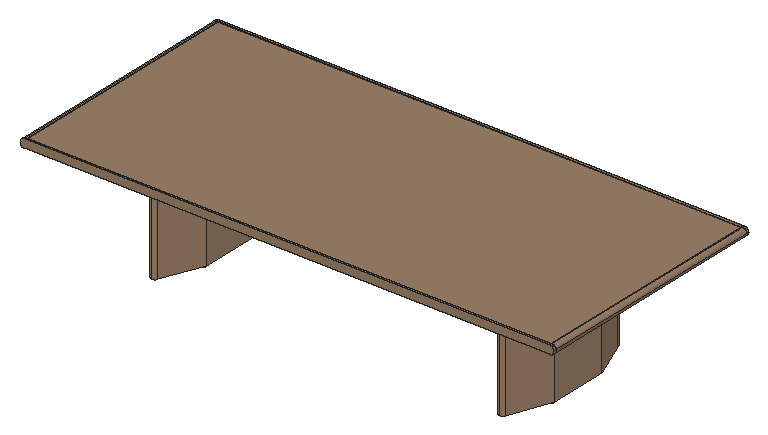
Revit family "Table-Teknion-CFTBFH_Figure_Table_Rectangular_Hexa_Panel_Base_Bullnose_Flat_Edge-R2023", category Furniture, Revit 2023 (continued)
Definition of nested family "Softened Panel"
  Dimensions and locks (in)
    plane 4 "Left" to Sweep 5 sketch curve to Sweep 5 sketch curve to Sweep 5 sketch curve to Sweep 5 sketch curve to Sweep 5 sketch curve to Sweep 5 sketch curve = 0.99245" locked, 0.18042" locked, 0.000" locked, 0.36084" locked, 0.000" locked, 0.18042" locked  (x2)
    Sweep 5 sketch curve to Sweep 5 sketch curve to Sweep 5 sketch curve to Sweep 5 sketch curve to Sweep 5 sketch curve to Sweep 5 sketch curve to plane 5 "Right" = 0.18042" locked, 0.000" locked, 0.36084" locked, 0.000" locked, 0.18042" locked, 0.99245" locked  (x2)
    Sweep 5 sketch curve to plane 9 "1" to Sweep 5 sketch curve = 0.3125" locked, 0.3125" locked  (x2)
    Sweep 5 sketch curve to plane 10 "2" to Sweep 5 sketch curve = 0.3125" locked, 0.3125" locked  (x2)
    locked: plane 4 "Left" to Revolve 1 sketch curve at 1.35355
    locked: plane 4 "Left" to Revolve 3 sketch curve at 1.35355
    locked: plane 6 "Back" to Sweep 6 sketch curve at 1  (x2)
    locked: plane 7 "Front" to Sweep 6 sketch curve at 1  (x2)
    locked: plane 4 "Left" to Sweep 6 sketch curve at 1  (x2)
    locked: Sweep 6 sketch curve to plane 5 "Right" at 1  (x2)
    "Cut 1": Sweep 7 sketch curve to Sweep 7 sketch curve
    Sweep 7 sketch curve to Sweep 7 sketch curve to plane 1 "Center Front/Back" to Sweep 7 sketch curve to Sweep 7 sketch curve = 0.500" locked, 4.500" locked, 4.500" locked, 0.500" locked
    Sweep 7 sketch curve to plane 8 "Top" to Sweep 7 sketch curve = 0.750" locked, 2.750" locked
    locked: Sweep 8 sketch curve to plane 11 at 0.75
    locked: plane 8 "Top" to Sweep 8 sketch curve at 0.75
    locked: Sweep 8 sketch curve to plane 7 "Front" at 0.75
    locked: Sweep 8 sketch curve to plane 6 "Back" at 0.75
    locked: plane 4 "Left" to Sweep 8 sketch curve at 0.75
    locked: Sweep 8 sketch curve to plane 5 "Right" at 0.75
    locked: Sweep 9 sketch curve to plane 2 at 2
    Sweep 9 sketch curve to Sweep 9 sketch curve to Sweep 9 sketch curve to Sweep 9 sketch curve to Sweep 9 sketch curve to plane 1 "Center Front/Back" to Sweep 9 sketch curve to Sweep 9 sketch curve to Sweep 9 sketch curve to Sweep 9 sketch curve to Sweep 9 sketch curve = 0.500" locked, 0.000" locked, 1.85425" locked, 0.000" locked, 2.64575" locked, 2.64575" locked, 0.000" locked, 1.85425" locked, 0.000" locked, 0.500" locked
    Sweep 9 sketch curve to Sweep 9 sketch curve to plane 3 "Center Left/Right" to Sweep 9 sketch curve to Sweep 9 sketch curve = 0.500" locked, 2.500" locked, 2.500" locked, 0.500" locked
    Sweep 10 sketch curve to Sweep 10 sketch curve to plane 3 "Center Left/Right" = 5.000" locked, 2.500" locked
    Sweep 10 sketch curve to Sweep 10 sketch curve to Sweep 10 sketch curve to Sweep 10 sketch curve to plane 11 = 1.500" locked, 16.400" locked, 0.100" locked, 4.000" locked
    Sweep 10 sketch curve to Sweep 10 sketch curve to Sweep 10 sketch curve to plane 1 "Center Front/Back" to Sweep 10 sketch curve to Sweep 10 sketch curve to Sweep 10 sketch curve = 0.100" locked, 0.400" locked, 3.500" locked, 3.500" locked, 0.400" locked, 0.100" locked
    locked: Sweep 7 sketch curve to plane 4 "Left" at 2.5
    locked: plane 3 "Center Left/Right" to Sweep 11 sketch curve at 7.5
    "Cut 2": Sweep 11 sketch curve to Sweep 11 sketch curve
    Sweep 11 sketch curve to Sweep 11 sketch curve to plane 1 "Center Front/Back" to Sweep 11 sketch curve to Sweep 11 sketch curve = 0.250" locked, 2.750" locked, 2.750" locked, 0.250" locked
    Sweep 11 sketch curve to Sweep 11 sketch curve to Sweep 11 sketch curve to Sweep 11 sketch curve to plane 8 "Top" = 0.250" locked, 1.500" locked, 0.250" locked, 0.750" locked
    locked: Sweep 12 sketch curve to plane 8 "Top" at 2
    "Cut 3": Sweep 12 sketch curve to Sweep 12 sketch curve
    Sweep 12 sketch curve to Sweep 12 sketch curve to plane 3 "Center Left/Right" to Sweep 12 sketch curve to Sweep 12 sketch curve = 0.500" locked, 2.500" locked, 2.500" locked, 0.500" locked
    Sweep 12 sketch curve to Sweep 12 sketch curve to plane 1 "Center Front/Back" to Sweep 12 sketch curve to Sweep 12 sketch curve = 0.500" locked, 4.500" locked, 4.500" locked, 0.500" locked
    aligned and locked: level to plane 2
    aligned and locked: plane 2 to Revolve 1 sketch curve
    aligned and locked: plane 2 to Revolve 2 sketch curve
    aligned and locked: plane 2 to Revolve 3 sketch curve
    aligned and locked: plane 2 to Revolve 4 sketch curve
    aligned and locked: plane 11 to Sweep 5 sketch curve
    aligned and locked: Sweep 5 sketch curve to plane 3 "Center Left/Right"
    aligned and locked: plane 9 "1" to Sweep 5 sketch curve  (x4)
    aligned and locked: plane 10 "2" to Sweep 5 sketch curve  (x4)
    aligned and locked: plane 11 to Sweep 6 sketch curve
    aligned and locked: plane 8 "Top" to Sweep 6 sketch curve
    aligned and locked: Sweep 6 sketch curve to plane 3 "Center Left/Right"
    aligned and locked: Sweep 6 sketch curve to plane 7 "Front"
    aligned and locked: plane 4 "Left" to Sweep 6 sketch curve
    aligned and locked: plane 6 "Back" to Sweep 6 sketch curve
    aligned and locked: Sweep 7 sketch curve to plane 1 "Center Front/Back"
    aligned and locked: Sweep 8 sketch curve to plane 3 "Center Left/Right"
    aligned and locked: plane 2 to Sweep 9 sketch curve
    aligned and locked: plane 3 "Center Left/Right" to Sweep 9 sketch curve  (x3)
    aligned and locked: Sweep 9 sketch curve to Sweep 9 sketch curve
    aligned and locked: Sweep 10 sketch curve to plane 1 "Center Front/Back"
    aligned and locked: curve 2 to cut or joined group of Sweep 6, Sweep 7, Sweep 8, Sweep 9, Sweep 10, Sweep 11, Sweep 12
    aligned and locked: curve 4 to cut or joined group of Sweep 6, Sweep 7, Sweep 8, Sweep 9, Sweep 10, Sweep 11, Sweep 12
    aligned and locked: curve 6 to cut or joined group of Sweep 6, Sweep 7, Sweep 8, Sweep 9, Sweep 10, Sweep 11, Sweep 12
    aligned and locked: curve 8 to cut or joined group of Sweep 6, Sweep 7, Sweep 8, Sweep 9, Sweep 10, Sweep 11, Sweep 12
    aligned and locked: curve 9 to cut or joined group of Sweep 6, Sweep 7, Sweep 8, Sweep 9, Sweep 10, Sweep 11, Sweep 12
    aligned and locked: curve 10 to cut or joined group of Sweep 6, Sweep 7, Sweep 8, Sweep 9, Sweep 10, Sweep 11, Sweep 12
    aligned and locked: curve 11 to cut or joined group of Sweep 6, Sweep 7, Sweep 8, Sweep 9, Sweep 10, Sweep 11, Sweep 12
    aligned and locked: curve 12 to cut or joined group of Sweep 6, Sweep 7, Sweep 8, Sweep 9, Sweep 10, Sweep 11, Sweep 12
    aligned and locked: curve 13 to cut or joined group of Sweep 6, Sweep 7, Sweep 8, Sweep 9, Sweep 10, Sweep 11, Sweep 12
    aligned and locked: curve 14 to cut or joined group of Sweep 6, Sweep 7, Sweep 8, Sweep 9, Sweep 10, Sweep 11, Sweep 12
    aligned and locked: curve 15 to cut or joined group of Sweep 6, Sweep 7, Sweep 8, Sweep 9, Sweep 10, Sweep 11, Sweep 12
    aligned and locked: curve 17 to cut or joined group of Sweep 6, Sweep 7, Sweep 8, Sweep 9, Sweep 10, Sweep 11, Sweep 12
    aligned and locked: curve 19 to cut or joined group of Sweep 6, Sweep 7, Sweep 8, Sweep 9, Sweep 10, Sweep 11, Sweep 12
    aligned and locked: curve 20 to cut or joined group of Sweep 6, Sweep 7, Sweep 8, Sweep 9, Sweep 10, Sweep 11, Sweep 12
    aligned and locked: curve 21 to cut or joined group of Sweep 6, Sweep 7, Sweep 8, Sweep 9, Sweep 10, Sweep 11, Sweep 12
    aligned and locked: curve 23 to cut or joined group of Sweep 6, Sweep 7, Sweep 8, Sweep 9, Sweep 10, Sweep 11, Sweep 12
    aligned and locked: curve 27 to cut or joined group of Sweep 6, Sweep 7, Sweep 8, Sweep 9, Sweep 10, Sweep 11, Sweep 12
    aligned and locked: curve 28 to cut or joined group of Sweep 6, Sweep 7, Sweep 8, Sweep 9, Sweep 10, Sweep 11, Sweep 12
    aligned and locked: curve 29 to cut or joined group of Sweep 6, Sweep 7, Sweep 8, Sweep 9, Sweep 10, Sweep 11, Sweep 12
    aligned and locked: curve 30 to cut or joined group of Sweep 6, Sweep 7, Sweep 8, Sweep 9, Sweep 10, Sweep 11, Sweep 12
    aligned and locked: curve 34 to Sweep 11
    aligned and locked: curve 31 to Sweep 11
    aligned and locked: curve 33 to Sweep 11
    aligned and locked: curve 32 to Sweep 11
    aligned and locked: curve 35 to cut or joined group of Sweep 6, Sweep 7, Sweep 8, Sweep 9, Sweep 10, Sweep 11, Sweep 12
    aligned and locked: curve 36 to cut or joined group of Sweep 6, Sweep 7, Sweep 8, Sweep 9, Sweep 10, Sweep 11, Sweep 12
    aligned and locked: curve 37 to cut or joined group of Revolve 1, Revolve 2, Revolve 3, Revolve 4, Sweep 5
    aligned and locked: curve 38 to cut or joined group of Revolve 1, Revolve 2, Revolve 3, Revolve 4, Sweep 5
    aligned and locked: curve 39 to cut or joined group of Revolve 1, Revolve 2, Revolve 3, Revolve 4, Sweep 5
    aligned and locked: curve 40 to cut or joined group of Revolve 1, Revolve 2, Revolve 3, Revolve 4, Sweep 5
    aligned and locked: curve 41 to cut or joined group of Revolve 1, Revolve 2, Revolve 3, Revolve 4, Sweep 5
    aligned and locked: curve 42 to cut or joined group of Revolve 1, Revolve 2, Revolve 3, Revolve 4, Sweep 5
    aligned and locked: curve 43 to cut or joined group of Revolve 1, Revolve 2, Revolve 3, Revolve 4, Sweep 5
    aligned and locked: curve 44 to cut or joined group of Revolve 1, Revolve 2, Revolve 3, Revolve 4, Sweep 5
    aligned and locked: curve 45 to cut or joined group of Revolve 1, Revolve 2, Revolve 3, Revolve 4, Sweep 5
    aligned and locked: curve 46 to cut or joined group of Revolve 1, Revolve 2, Revolve 3, Revolve 4, Sweep 5
    aligned and locked: curve 47 to cut or joined group of Revolve 1, Revolve 2, Revolve 3, Revolve 4, Sweep 5
    aligned and locked: curve 48 to cut or joined group of Revolve 1, Revolve 2, Revolve 3, Revolve 4, Sweep 5
    aligned and locked: curve 49 to cut or joined group of Revolve 1, Revolve 2, Revolve 3, Revolve 4, Sweep 5
    aligned and locked: curve 50 to cut or joined group of Revolve 1, Revolve 2, Revolve 3, Revolve 4, Sweep 5
    aligned and locked: curve 51 to cut or joined group of Revolve 1, Revolve 2, Revolve 3, Revolve 4, Sweep 5
    aligned and locked: curve 52 to cut or joined group of Revolve 1, Revolve 2, Revolve 3, Revolve 4, Sweep 5
    aligned and locked: curve 53 to cut or joined group of Revolve 1, Revolve 2, Revolve 3, Revolve 4, Sweep 5
    aligned and locked: curve 54 to cut or joined group of Revolve 1, Revolve 2, Revolve 3, Revolve 4, Sweep 5
    aligned and locked: curve 55 to cut or joined group of Revolve 1, Revolve 2, Revolve 3, Revolve 4, Sweep 5
    aligned and locked: curve 56 to cut or joined group of Revolve 1, Revolve 2, Revolve 3, Revolve 4, Sweep 5
    aligned and locked: curve 57 to cut or joined group of Revolve 1, Revolve 2, Revolve 3, Revolve 4, Sweep 5
    aligned and locked: curve 58 to cut or joined group of Revolve 1, Revolve 2, Revolve 3, Revolve 4, Sweep 5
    aligned and locked: curve 59 to cut or joined group of Revolve 1, Revolve 2, Revolve 3, Revolve 4, Sweep 5
    aligned and locked: curve 60 to cut or joined group of Revolve 1, Revolve 2, Revolve 3, Revolve 4, Sweep 5
    aligned and locked: curve 61 to cut or joined group of Revolve 1, Revolve 2, Revolve 3, Revolve 4, Sweep 5
    aligned and locked: curve 62 to cut or joined group of Revolve 1, Revolve 2, Revolve 3, Revolve 4, Sweep 5
    aligned and locked: curve 63 to cut or joined group of Revolve 1, Revolve 2, Revolve 3, Revolve 4, Sweep 5
    aligned and locked: curve 64 to cut or joined group of Revolve 1, Revolve 2, Revolve 3, Revolve 4, Sweep 5
    aligned and locked: curve 65 to cut or joined group of Revolve 1, Revolve 2, Revolve 3, Revolve 4, Sweep 5
    aligned and locked: curve 66 to cut or joined group of Revolve 1, Revolve 2, Revolve 3, Revolve 4, Sweep 5
    aligned and locked: curve 67 to cut or joined group of Revolve 1, Revolve 2, Revolve 3, Revolve 4, Sweep 5
    aligned and locked: curve 68 to cut or joined group of Revolve 1, Revolve 2, Revolve 3, Revolve 4, Sweep 5
  Automatic sketch dimensions
    Revolve 2 sketch curve to plane 11 = 0.0769"
    Revolve 2 sketch curve to level = 0.3269"
    level to Revolve 4 sketch curve = 0.45393"
    plane 11 to Revolve 4 sketch curve = 0.08613"
    plane 11 to Revolve 1 sketch curve = 0.250"
    Revolve 1 sketch curve to level = 0.62632"
    Revolve 3 sketch curve to plane 11 = 0.250"
    level to Revolve 3 sketch curve = 0.500"
    Sweep 11 sketch curve to plane 1 "Center Front/Back" = 0.000"
    Sweep 12 sketch curve to plane 3 "Center Left/Right" = 0.000"
    plane 10 "2" to curve 43 = 0.000"  (x2)
    plane 10 "2" to curve 51 = 0.000"  (x2)
    curve 60 to plane 9 "1" = 0.000"
    curve 59 to plane 9 "1" = 0.000"
    curve 61 to plane 9 "1" = 0.000"  (x2)
Definition of nested family "Teknion_2D_Node_Family-R2016"
  Reference planes (in)
    plane 1 "Center (Front/Back)": y = 0
    plane 2: z = 0
    plane 3 "Center (Left/Right)": x = 0
  Lines and regions (in)
    detail lines, in view "Ref. Level"
      curve 1: circle (0, 0, 0) r 1.25 normal (0, 0, 1)
      curve 2: line (1.91508, -1.91508, 0) -> (-1.91508, 1.91508, 0)
      curve 3: line (-1.91508, -1.91508, 0) -> (1.91508, 1.91508, 0)
Types (4): name | S - Softened Panel | N - No Central Base | Model | 2D - Softened + 36" Panel Width | 2D - Hexa Panel | H - Hexa Panel | Dim 1 | Description | Cut - Central Base - Softened | Cut - Central Base - Hexa | Available Width
  (no name) | no | yes | "CFTBFH__NS_" | no | no | no | 3.000" | "Figure Table, Rectangular, Hexa Panel Base, Bullnose Flat Edge, No Central Base, Square Corner" | 0.300" | 0.300" | "096, 108 & 120 Inch Only"
  No Central Base | no | yes | "CFTBFH__NS_" | no | no | no | 3.000" | "Figure Table, Rectangular, Hexa Panel Base, Bullnose Flat Edge, No Central Base, Square Corner" | 0.300" | 0.300" | "096, 108 & 120 Inch Only"
  Softened Panel Central Base | yes | no | "CFTBFH__SS_" | yes | no | no | 19.000" | "Figure Table, Rectangular, Hexa Panel Base, Bullnose Flat Edge, Softened Panel Central Base, Square Corner" | 15.000" | 0.300" | "132, 144, 156, 168, 180, 192, 204, 216, 228 & 240 Inch"
  Hexa Panel Central Base | no | no | "CFTBFH__HS_" | no | yes | yes | 19.000" | "Figure Table, Rectangular, Hexa Panel Base, Bullnose Flat Edge, Hexa Panel Central Base, Square Corner" | 0.300" | 15.000" | "132, 144, 156, 168, 180, 192, 204, 216, 228 & 240 Inch"
